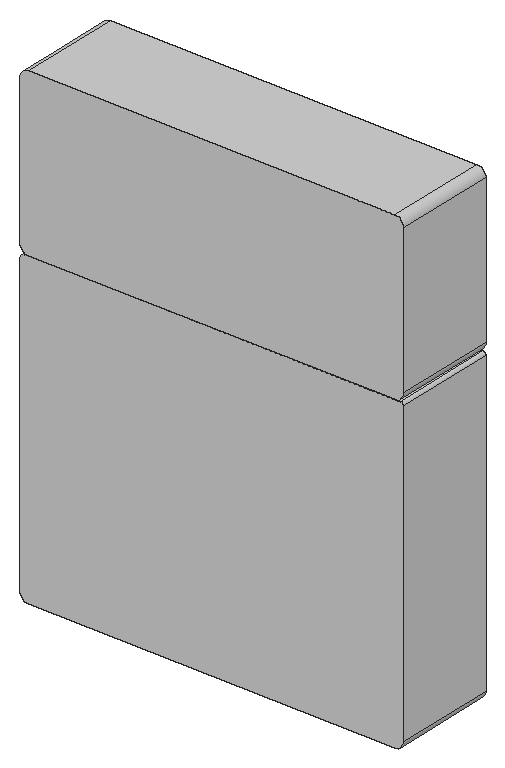
Revit family "Building-IEC309Boards-GEWISS-68QDIN-DISTRIBUTION-BOARD-20MOD_6SOCKET-OUTLETS", category Attrezzatura elettrica, host Muro, Revit 2016
Family settings
  Host = Muro
  Configurazione quadro = Due colonne, circuiti in orizzontale
  Tipo di parte = Pannello comandi
  Quota connettore circolare = Usa diametro
  Numero OmniClass = 23.80.30.11.17
  Titolo OmniClass = Distribution Boards and Control Panels
  Sempre verticale = Sì
  Taglio con vuoti quando caricato = No
  Condiviso = No
  Punto di calcolo locali = No
Parameters (values of type "GW68021N - Q-DIN 20M 2S.O.63A 4S.O.16/32A IP65")
  potenza = 400 V
  Voltaggio = "400V"
  Vista di pianta [instance] = yes
  Vetro = GEWISS - vetro
  Version type = "Empty"
  Version file RFA = "18.0"
  URL = "https://www.gewiss.com/ww/en"
  Thermo-pressure with ball = "70 °C"
  Technical sheet = "https://www.gewiss.com/ww/en/search?q=GW68021N"
  Struttura = GEWISS - Grigio RAL - 7035
  Simbolo Acceso [instance] = yes
  Shock resistance = "IK08"
  SEO = "Board"
  Realized by GEWISS S.p.A. = ""
  Produttore = "GEWISS S.p.A."
  Presa = GEWISS - Grigio RAL - 7035
  Operating temperature: = "-25 +40 °C"
  Offset etichetta nome quadro [instance] = 125 mm
  Numero di poli = 3
  Panel Name [instance] = "NOME"
  No. of provided blank lids = "2 IEC 309 16/32A+1 63A"
  No. of modules EN 50022 = "20"
  Modello = "GW68021N"
  Lunghezza = 450 mm
  Insulation class = "II"
  Installation type = "Surface-mounting"
  Immagine tipo = GW68021N.jpg
  IP degree = "IP65"
  IFC.TypeObject = ""
  IFC.ExportType = ""
  IFC.ExportAs = ""
  IDT = "c4e5c53f-a295-41ab-9992-af314b14205a"
  IDF = "7fc76941-0cea-4757-b7ec-a7896b62d45f"
  Houseable socket = "2 IEC 309 63A - 4 IEC 309 16/32A"
  H_da terra = 1200 mm
  Glow Wire Test = "650°C"
  Electrocod = "2242"
  ETICHETTA NOME QUADRO [instance] = yes
  EAN code = "8011564744882"
  Distanza orizzontale del simbolo [instance] = 0 mm
  Distanza dal muro [instance] = 0 mm
  Dispersible power B (W) = "92"
  Dispersible power A (W) = "30"
  Descrizione = "Q-DIN 20M 2S.O.63A 4S.O.16/32A IP65"
  Colour = "Grey RAL 7035"
  Classificazione carico = Altro
  Catalogue Range = "68 QDIN"
  Catalogue = "BUILDING"
  Carico apparente = 0 VA
  Cornice simbolo [instance] = no
  COBie.Tagnumber = ""
  COBie.CreatedOn = ""
  COBie.CreatebBy = ""
  COBie.ComponentRegisterItemID = ""
  COBie.Component.TagNumber = ""
  COBie.Component.Space = ""
  COBie.Component.SerialNumber = ""
  COBie.Component.InstallationDate = ""
  COBie.Component.Description = ""
  COBie.Component.BarCode = ""
  Altezza = 560 mm
  Accordance with Standards = "EN 60208 - EN 60670-1 - IEC 60670-24"
Reference planes
  plane 1 "Muro": y = 0
  plane 2 "Centro (Sinistra/Destra)": x = 125
  plane 3 "Indietro": y = 75
  plane 4: z = 1200
  plane 5: x = 125
  plane 6: y = 200
Lines and regions (mm)
  Masking region 1, visible <- "Vista di pianta"
    outline origin (0, 0, 0) x (1, 0, 0) y (0, 1, 0)
      loop
        line (-100, 175) -> (-100, 75) -> (350, 75) -> (350, 175) -> (-100, 175)
  Masking region 2
    outline origin (125, 0, 0) x (0, 1, 0) y (0, 0, 1)
      loop
        line (75, 1033) -> (175, 1033) -> (175, 1200) -> (75, 1200) -> (75, 1033)
  Masking region 3
    outline origin (125, 0, 0) x (0, 1, 0) y (0, 0, 1)
      loop
        line (75, 1033) -> (75, 640) -> (195, 640) -> (195, 1033) -> (75, 1033)
Text (mm)
  text "Lato posizionamento" at (-1848.837, 1116.779, 0), in view "Livello rif."
  text "Lato posizionamento" at (0, 1409.804, 2854.306), in view "Sinistra"
  text "Lato posizionamento" at (0, 499.811, 2980.732), in view "Destra"
Dimensions and locks
  locked: plane 3 "Indietro" to host wall
  "H_da terra": level to plane 4
  "Offset etichetta nome quadro": host wall to plane 6
  "Distanza orizzontale del simbolo": plane 5 to plane 2 "Centro (Sinistra/Destra)"
  aligned and locked: plane 1 "Muro" to host wall
  aligned and locked: nested 1 to plane 3 "Indietro"
  aligned and locked: nested 2 to plane 6
  aligned and locked: plane 5 to nested 3
  aligned and locked: Masking region 1 to nested 1
  aligned and locked: Masking region 1 to host wall
  aligned and locked: Masking region 2 sketch curve to nested 1  (x3)
  aligned and locked: nested 1 to Masking region 2 sketch curve
  aligned and locked: Masking region 3 sketch curve to nested 1  (x4)
  aligned and locked: nested 1 to host wall
  aligned and locked: nested 1 to plane 2 "Centro (Sinistra/Destra)"
  aligned and locked: plane 4 to nested 1
  aligned and locked: plane 2 "Centro (Sinistra/Destra)" to nested 4
Automatic sketch dimensions
  host wall to Masking region 1 sketch curve = 0 mm
  Masking region 1 sketch curve to plane 2 "Centro (Sinistra/Destra)" = 225 mm
  plane 2 "Centro (Sinistra/Destra)" to Masking region 1 sketch curve = 225 mm
  host wall to Masking region 1 sketch curve = 100 mm
Nested families
  nested 1: "QDIN20 QUADRO  X 6 PRESE IND" at (125, 75, 53.117) x (-1, 0, 0) z (0, 0, 1), type "QDIN20 QUADRO  X 6 PRESE IND"
  nested 2: "NOME QUADRO" at (125, 200, 0), TXT <- "Panel Name", visible <- "ETICHETTA NOME QUADRO", type "NOME QUADRO"
    with TXT "NOME"
  nested 3: "CENTRALINO" at (125, 116.894, 0), BORDO ACCESO <- "Cornice simbolo", SIMBOLO ACCESO <- "Simbolo Acceso", Distanza dal muro <- "Distanza dal muro", type "CENTRALINO"
    with SIMBOLO ACCESO yes, Distanza dal muro 0 mm, BORDO ACCESO no
  nested 4: "2D - QDIN20 QUADRO DISTRIB X6 PRESE IND" at (125, 0, 640) x (-1, 0, 0) z (0, -1, 0), type "BIDIMENSIONALE"
Connectors
  electrical at (125, 135, 640), driven by "Numero di poli", driven by "Classificazione carico", driven by "potenza", driven by "Carico apparente"
    settings: on nested 1, index 1, voltage 400 V, apparent load 0 VA, apparent load phase1 0 VA, apparent load phase2 0 VA, apparent load phase3 0 VA, power factor 1, load classification "Altro", number of poles 3, system type 31, power factor state 1, is connector primary yes, connector utility no, sub classification motor no, connector description ""
Definition of nested family "QDIN20 QUADRO  X 6 PRESE IND"
  Parameters (values of type "QDIN20 QUADRO  X 6 PRESE IND")
    Vetro = none
    Struttura = none
    Spessore = 120 mm
    Default Elevation = 14 mm
    Presa = none
    Lunghezza = 450 mm
    IFC.TypeObject = ""
    IFC.ExportType = ""
    IFC.ExportAs = ""
    H_da terra = 586.883 mm
    COBie.CreatedOn = ""
    COBie.CreatebBy = ""
    COBie.ComponentRegisterItemID = ""
    COBie.Component.TagNumber = ""
    COBie.Component.Space = ""
    COBie.Component.SerialNumber = ""
    COBie.Component.InstallationDate = ""
    COBie.Component.Description = ""
    COBie.Component.BarCode = ""
    Altezza = 560 mm
  Reference planes
    plane 1 "Centro (Fronte/Retro)": y = 0
    plane 2: z = 0
    plane 3 "Centro (Sinistra/Destra)": x = 0
    plane 4 "s": y = -100
    plane 5: z = 586.883
    plane 6: z = 1146.883
    plane 7: x = -225
    plane 8: x = 225
    plane 9: z = 979.883
    plane 10: y = -80.196
    plane 11: x = -222.597
    plane 12: x = 222.589
    plane 13: z = 989.383
    plane 14: z = 1108.347
    plane 15: y = -46.089
    plane 16: y = -87.126
  Forms (mm)
    Extrusion 1, solid, material <- "Struttura"
      sketch origin (0, 0, 0) x (1, 0, 0) y (0, 0, 1)
        loop
          arc (-215, 1146.883) -> (-222.071, 1143.954) -> (-225, 1136.883) r 10
          line (-225, 1136.883) -> (-225, 963.063)
          arc (-225, 963.063) -> (-222.071, 955.992) -> (-215, 953.063) r 10
          line (-215, 953.063) -> (215, 953.063)
          arc (215, 953.063) -> (222.071, 955.992) -> (225, 963.063) r 10
          line (225, 963.063) -> (225, 1136.883)
          arc (225, 1136.883) -> (222.071, 1143.954) -> (215, 1146.883) r 10
          line (215, 1146.883) -> (-215, 1146.883)
      from 0 to 120
    Extrusion 2, solid, material <- "Struttura"
      sketch origin (0, 0, 0) x (1, 0, 0) y (0, 0, 1)
        loop
          line (217.45, 953.063) -> (-221.38, 953.063)
          arc (-221.38, 953.063) -> (-223.94, 952.003) -> (-225, 949.443) r 3.62
          line (-225, 949.443) -> (-225, 596.883)
          arc (-225, 596.883) -> (-222.071, 589.812) -> (-215, 586.883) r 10
          line (-215, 586.883) -> (215, 586.883)
          arc (215, 586.883) -> (222.071, 589.812) -> (225, 596.883) r 10
          line (225, 596.883) -> (225, 945.513)
          arc (225, 945.513) -> (222.789, 950.852) -> (217.45, 953.063) r 7.55
      from 0 to 120
    Extrusion 3, void
      sketch origin (0, 0, 0) x (1, 0, 0) y (0, 0, 1)
        loop
          line (-222.597, 1108.347) -> (-222.597, 989.383) -> (222.589, 989.383) -> (222.589, 1108.347) -> (-222.597, 1108.347)
      from 46.089 to 120
    Extrusion 4, solid, material <- "Vetro", detail levels fine
      sketch origin (0, 0, 0) x (1, 0, 0) y (0, 0, 1)
        loop
          line (-222.597, 1108.347) -> (-222.597, 989.383) -> (222.589, 989.383) -> (222.589, 1108.347) -> (-222.597, 1108.347)
      from 87.126 to 120.5
    Extrusion 5, solid, material <- "Struttura", detail levels fine
      sketch origin (-840, 0, 10) x (1, 0, 0) y (0, 0, 1)
        loop
          arc (913.598, 901.409) -> (906.207, 898.348) -> (903.146, 890.957) r 10.452
          line (903.146, 890.957) -> (903.146, 797.88)
          arc (903.146, 797.88) -> (906.207, 790.489) -> (913.598, 787.428) r 10.452
          line (913.598, 787.428) -> (1006.695, 787.428)
          arc (1006.695, 787.428) -> (1014.086, 790.489) -> (1017.147, 797.88) r 10.452
          line (1017.147, 797.88) -> (1017.147, 890.957)
          arc (1017.147, 890.957) -> (1014.086, 898.348) -> (1006.695, 901.409) r 10.452
          line (1006.695, 901.409) -> (972.695, 901.409) -> (913.598, 901.409)
        loop
          arc (785.232, 882.409) -> (777.841, 879.348) -> (774.78, 871.957) r 10.452
          line (774.78, 871.957) -> (774.78, 797.88)
          arc (774.78, 797.88) -> (777.841, 790.489) -> (785.232, 787.428) r 10.452
          line (785.232, 787.428) -> (844.33, 787.428)
          arc (844.33, 787.428) -> (851.72, 790.489) -> (854.782, 797.88) r 10.452
          line (854.782, 797.88) -> (854.782, 871.957)
          arc (854.782, 871.957) -> (851.72, 879.348) -> (844.33, 882.409) r 10.452
          line (844.33, 882.409) -> (785.232, 882.409)
        loop
          arc (672.731, 882.409) -> (665.34, 879.348) -> (662.279, 871.957) r 10.452
          line (662.279, 871.957) -> (662.279, 797.88)
          arc (662.279, 797.88) -> (665.34, 790.489) -> (672.731, 787.428) r 10.452
          line (672.731, 787.428) -> (731.829, 787.428)
          arc (731.829, 787.428) -> (739.219, 790.489) -> (742.281, 797.88) r 10.452
          line (742.281, 797.88) -> (742.281, 871.957)
          arc (742.281, 871.957) -> (739.219, 879.348) -> (731.829, 882.409) r 10.452
          line (731.829, 882.409) -> (672.731, 882.409)
        loop
          arc (672.731, 725.65) -> (665.34, 722.589) -> (662.279, 715.198) r 10.452
          line (662.279, 715.198) -> (662.279, 641.121)
          arc (662.279, 641.121) -> (665.34, 633.73) -> (672.731, 630.669) r 10.452
          line (672.731, 630.669) -> (731.829, 630.669)
          arc (731.829, 630.669) -> (739.219, 633.73) -> (742.281, 641.121) r 10.452
          line (742.281, 641.121) -> (742.281, 715.198)
          arc (742.281, 715.198) -> (739.219, 722.589) -> (731.829, 725.65) r 10.452
          line (731.829, 725.65) -> (672.731, 725.65)
        loop
          arc (785.232, 725.65) -> (777.841, 722.589) -> (774.78, 715.198) r 10.452
          line (774.78, 715.198) -> (774.78, 641.121)
          arc (774.78, 641.121) -> (777.841, 633.73) -> (785.232, 630.669) r 10.452
          line (785.232, 630.669) -> (844.329, 630.669)
          arc (844.329, 630.669) -> (851.72, 633.73) -> (854.782, 641.121) r 10.452
          line (854.782, 641.121) -> (854.782, 715.198)
          arc (854.782, 715.198) -> (851.72, 722.589) -> (844.329, 725.65) r 10.452
          line (844.329, 725.65) -> (785.232, 725.65)
        loop
          arc (913.598, 744.65) -> (906.207, 741.589) -> (903.146, 734.198) r 10.452
          line (903.146, 734.198) -> (903.146, 641.121)
          arc (903.146, 641.121) -> (906.207, 633.73) -> (913.598, 630.669) r 10.452
          line (913.598, 630.669) -> (1006.695, 630.669)
          arc (1006.695, 630.669) -> (1014.086, 633.73) -> (1017.147, 641.121) r 10.452
          line (1017.147, 641.121) -> (1017.147, 734.198)
          arc (1017.147, 734.198) -> (1014.086, 741.589) -> (1006.695, 744.65) r 10.452
          line (1006.695, 744.65) -> (972.695, 744.65) -> (913.598, 744.65)
      from 119 to 122
  Cuts and joins
    Extrusion 3 cuts Extrusion 1
  Dimensions and locks
    plane 4 "s" to plane 1 "Centro (Fronte/Retro)" = 100 mm  (x2)
    "H_da terra": plane 5 to level
    equal spacing: plane 7, plane 3 "Centro (Sinistra/Destra)", plane 8
    "Lunghezza": plane 7 to plane 8
    locked: plane 4 "s" to plane 10 at 19.804
    locked: plane 6 to plane 14 at 38.537
    locked: plane 13 to plane 9 at 9.5
    locked: plane 7 to plane 11 at 2.403
    locked: plane 12 to plane 8 at 2.411
    locked: plane 4 "s" to plane 15 at 53.911
    locked: plane 4 "s" to plane 16 at 12.874
    "Altezza": plane 6 to plane 5
    locked: plane 14 to plane 13 at 118.963
    aligned and locked: level to plane 2
    aligned and locked: Extrusion 1 sketch curve to plane 6
    aligned and locked: Extrusion 1 sketch curve to plane 8
    aligned and locked: Extrusion 1 sketch curve to plane 7
    aligned and locked: Extrusion 2 sketch curve to plane 8
    aligned and locked: Extrusion 2 sketch curve to plane 7
    aligned and locked: Extrusion 2 sketch curve to plane 5
    aligned and locked: Extrusion 3 sketch curve to plane 14
    aligned and locked: plane 12 to Extrusion 3 sketch curve
    aligned and locked: plane 11 to Extrusion 3 sketch curve
    aligned and locked: Extrusion 3 sketch curve to plane 13
    aligned and locked: plane 15 to cut or joined group of Extrusion 1, Extrusion 3
    aligned and locked: Extrusion 4 sketch curve to plane 14
    aligned and locked: plane 12 to Extrusion 4 sketch curve
    aligned and locked: Extrusion 4 sketch curve to plane 13
    aligned and locked: plane 11 to Extrusion 4 sketch curve
    aligned and locked: plane 16 to Extrusion 4
  Automatic sketch dimensions
    Extrusion 1 sketch curve to Extrusion 1 sketch curve = 10 mm  (x2)
    Extrusion 1 sketch curve to plane 7 = 10 mm
    plane 8 to Extrusion 1 sketch curve = 10 mm
    Extrusion 2 sketch curve to Extrusion 2 sketch curve = 3.62 mm
    Extrusion 2 sketch curve to plane 7 = 10 mm
    Extrusion 2 sketch curve to Extrusion 2 sketch curve = 10 mm
    plane 8 to Extrusion 2 sketch curve = 7.55 mm
    plane 9 to Extrusion 5 sketch curve = 78.926 mm
    plane 8 to Extrusion 5 sketch curve = 161.854 mm
    Extrusion 5 sketch curve to Extrusion 5 sketch curve = 10.452 mm  (x22)
    Extrusion 5 sketch curve to Extrusion 5 sketch curve = 59.097 mm  (x9)
    Extrusion 5 sketch curve to Extrusion 5 sketch curve = 93.097 mm
    Extrusion 5 sketch curve to Extrusion 5 sketch curve = 34 mm  (x3)
    Extrusion 5 sketch curve to Extrusion 5 sketch curve = 93.077 mm
    Extrusion 5 sketch curve to Extrusion 5 sketch curve = 48.364 mm  (x2)
    Extrusion 5 sketch curve to Extrusion 5 sketch curve = 74.077 mm
    Extrusion 5 sketch curve to Extrusion 5 sketch curve = 32.499 mm  (x2)
    Extrusion 5 sketch curve to Extrusion 5 sketch curve = 0 mm  (x2)
    Extrusion 5 sketch curve to Extrusion 5 sketch curve = 61.777 mm
    plane 5 to Extrusion 5 sketch curve = 64.238 mm  (x2)
    plane 5 to Extrusion 5 sketch curve = 53.786 mm
    Extrusion 5 sketch curve to Extrusion 5 sketch curve = 72.229 mm
    Extrusion 5 sketch curve to Extrusion 5 sketch curve = 53.229 mm
    plane 9 to Extrusion 2 sketch curve = 34.371 mm
    plane 13 to Extrusion 1 sketch curve = 26.32 mm
Definition of nested family "NOME QUADRO"
  Parameters (values of type "NOME QUADRO")
    TXT [instance] = ""
  Reference planes
    plane 1: y = 0
    plane 2: x = 0
  Text (mm)
    label "NOME QUADRO" at (0.217, 0.029, 0), shows "TXT"
Definition of nested family "CENTRALINO"
  Parameters (values of type "CENTRALINO")
    SIMBOLO ACCESO [instance] = yes
    Distanza dal muro [instance] = 0 mm
    BORDO ACCESO [instance] = yes
  Reference planes
    plane 1: y = 0
    plane 2: x = 0
  Dimensions and locks
    "Distanza dal muro": plane 1 to nested 1
    aligned and locked: plane 2 to nested 1
  Nested families
    nested 1: "CENTRALINO_BASE" at (0, 0, 0), BORDO ACCESO <- "BORDO ACCESO", visible <- "SIMBOLO ACCESO", type "CENTRALINO"
      with BORDO ACCESO yes
  Definition of nested family "CENTRALINO_BASE"
    Parameters (values of type "CENTRALINO")
      Distanza dal muro = 0 mm
      BORDO ACCESO [instance] = yes
    Reference planes
      plane 1: y = 0
      plane 2: x = 0
    Lines and regions (mm)
      detail lines, visible <- "BORDO ACCESO", not visible
        curve 1: line (-2.443, 10.208, 0) -> (2.057, 10.208, 0)
        curve 2: line (2.057, 10.208, 0) -> (2.057, 4.208, 0)
        curve 3: line (2.057, 4.208, 0) -> (-2.443, 4.208, 0)
        curve 4: line (-2.443, 4.208, 0) -> (-2.443, 10.208, 0)
        curve 5: line (-2.043, 9.808, 0) -> (1.657, 9.808, 0)
        curve 6: line (1.657, 9.808, 0) -> (1.657, 4.608, 0)
        curve 7: line (1.657, 4.608, 0) -> (-2.043, 4.608, 0)
        curve 8: line (-2.043, 4.608, 0) -> (-2.043, 9.808, 0)
      detail lines
        curve 9: line (0, 0.905, 0) -> (0, 0.235, 0)
        curve 10: line (0.659, 0.905, 0) -> (0.659, 1.564, 0)
        curve 11: line (0.659, 1.564, 0) -> (-0.659, 1.564, 0)
        curve 12: line (-0.659, 1.564, 0) -> (-0.659, 0.905, 0)
        curve 13: line (-0.659, 0.905, 0) -> (0.659, 0.905, 0)
        curve 14: line (0.497, 1.564, 0) -> (0.497, 2.235, 0)
        curve 15: line (0.167, 1.564, 0) -> (0.167, 2.235, 0)
        curve 16: line (-0.162, 1.564, 0) -> (-0.162, 2.235, 0)
        curve 17: line (-0.491, 1.564, 0) -> (-0.491, 2.235, 0)
Definition of nested family "2D - QDIN20 QUADRO DISTRIB X6 PRESE IND"
  Reference planes
    plane 1 "Centro (Fronte/Retro)": y = 0
    plane 2: z = 0
    plane 3 "Centro (Sinistra/Destra)": x = 0
  Lines and regions (mm)
    model lines, in view "Livello rif."
      curve 1: line (197.291, 357.195, 0) -> (197.291, 494.197, 0)
      curve 2: line (197.291, 494.197, 0) -> (-197.291, 494.197, 0)
      curve 3: line (-197.291, 494.197, 0) -> (-197.291, 357.195, 0)
      curve 4: line (-197.291, 357.195, 0) -> (197.291, 357.195, 0)
      curve 5: line (-225, 545, 0) -> (-225, 15, 0)
      curve 6: line (-225, 15, 0) -> (-224.451, 10.981, 0)
      curve 7: line (-224.451, 10.981, 0) -> (-223.144, 7.773, 0)
      curve 8: line (-223.144, 7.773, 0) -> (-220.607, 4.393, 0)
      curve 9: line (-220.607, 4.393, 0) -> (-217.763, 2.165, 0)
      curve 10: line (-217.763, 2.165, 0) -> (-214.387, 0.656, 0)
      curve 11: line (-214.387, 0.656, 0) -> (-210, 0, 0)
      curve 12: line (-210, 0, 0) -> (210, 0, 0)
      curve 13: line (210, 0, 0) -> (214.387, 0.656, 0)
      curve 14: line (214.387, 0.656, 0) -> (217.763, 2.165, 0)
      curve 15: line (217.763, 2.165, 0) -> (220.607, 4.393, 0)
      curve 16: line (220.607, 4.393, 0) -> (223.144, 7.773, 0)
      curve 17: line (223.144, 7.773, 0) -> (224.451, 10.981, 0)
      curve 18: line (224.451, 10.981, 0) -> (225, 15, 0)
      curve 19: line (225, 15, 0) -> (225, 545, 0)
      curve 20: line (225, 545, 0) -> (224.451, 549.019, 0)
      curve 21: line (224.451, 549.019, 0) -> (223.144, 552.227, 0)
      curve 22: line (223.144, 552.227, 0) -> (220.607, 555.607, 0)
      curve 23: line (220.607, 555.607, 0) -> (217.763, 557.835, 0)
      curve 24: line (217.763, 557.835, 0) -> (214.387, 559.344, 0)
      curve 25: line (214.387, 559.344, 0) -> (210, 560, 0)
      curve 26: line (210, 560, 0) -> (-210, 560, 0)
      curve 27: line (-210, 560, 0) -> (-214.387, 559.344, 0)
      curve 28: line (-214.387, 559.344, 0) -> (-217.763, 557.835, 0)
      curve 29: line (-217.763, 557.835, 0) -> (-220.607, 555.607, 0)
      curve 30: line (-220.607, 555.607, 0) -> (-223.144, 552.227, 0)
      curve 31: line (-223.144, 552.227, 0) -> (-224.451, 549.019, 0)
      curve 32: line (-224.451, 549.019, 0) -> (-225, 545, 0)
      curve 33: line (-179.998, 467.5, 0) -> (180.002, 467.5, 0)
      curve 34: line (180.002, 467.5, 0) -> (180.002, 422.5, 0)
      curve 35: line (180.002, 422.5, 0) -> (-179.998, 422.5, 0)
      curve 36: line (-179.998, 422.5, 0) -> (-179.998, 467.5, 0)
      curve 37: line (-197.291, 379.715, 0) -> (197.291, 379.715, 0)
      curve 38: line (-35.454, 376.127, 0) -> (-35, 377.567, 0)
      curve 39: line (-35, 377.567, 0) -> (-35, 379.715, 0)
      curve 40: line (-35, 379.715, 0) -> (-35, 381.972, 0)
      curve 41: line (-35, 381.972, 0) -> (-36.201, 383.745, 0)
      curve 42: line (-36.201, 383.745, 0) -> (-38.012, 386.915, 0)
      curve 43: line (-38.012, 386.915, 0) -> (-40.77, 388.305, 0)
      curve 44: line (-40.77, 388.305, 0) -> (-43.662, 389.192, 0)
      curve 45: line (-43.662, 389.192, 0) -> (-46.027, 389.544, 0)
      curve 46: line (-46.027, 389.544, 0) -> (-47.5, 389.604, 0)
      curve 47: line (-47.5, 389.604, 0) -> (-132.5, 389.604, 0)
      curve 48: line (-132.5, 389.604, 0) -> (-133.973, 389.544, 0)
      curve 49: line (-133.973, 389.544, 0) -> (-136.338, 389.192, 0)
      curve 50: line (-136.338, 389.192, 0) -> (-139.23, 388.305, 0)
      curve 51: line (-139.23, 388.305, 0) -> (-141.988, 386.915, 0)
      curve 52: line (-141.988, 386.915, 0) -> (-143.799, 383.745, 0)
      curve 53: line (-143.799, 383.745, 0) -> (-145, 381.972, 0)
      curve 54: line (-145, 381.972, 0) -> (-145, 379.715, 0)
      curve 55: line (-145, 379.715, 0) -> (-145, 377.567, 0)
      curve 56: line (-145, 377.567, 0) -> (-144.546, 376.127, 0)
      curve 57: line (-47.5, 369.345, 0) -> (-80.224, 369.345, 0)
      curve 58: line (-35.454, 376.127, 0) -> (-33.913, 376.127, 0)
      curve 59: line (-33.913, 376.127, 0) -> (-33.63, 375.959, 0)
      curve 60: line (-33.63, 375.959, 0) -> (-35.818, 373.437, 0)
      curve 61: line (-35.818, 373.437, 0) -> (-39.198, 371.238, 0)
      curve 62: line (-39.198, 371.238, 0) -> (-42.199, 370.036, 0)
      curve 63: line (-42.199, 370.036, 0) -> (-44.774, 369.51, 0)
      curve 64: line (-44.774, 369.51, 0) -> (-47.5, 369.345, 0)
      curve 65: line (-144.182, 373.437, 0) -> (-140.802, 371.238, 0)
      curve 66: line (-140.802, 371.238, 0) -> (-137.801, 370.036, 0)
      curve 67: line (-137.801, 370.036, 0) -> (-135.226, 369.51, 0)
      curve 68: line (-135.226, 369.51, 0) -> (-132.5, 369.345, 0)
      curve 69: line (-132.5, 369.345, 0) -> (-99.776, 369.345, 0)
      curve 70: line (-144.546, 376.127, 0) -> (-146.087, 376.127, 0)
      curve 71: line (-146.087, 376.127, 0) -> (-146.37, 375.959, 0)
      curve 72: line (-146.37, 375.959, 0) -> (-144.182, 373.437, 0)
      curve 73: line (-89.99, 359.037, 0) -> (-94.782, 360.321, 0)
      curve 74: line (-94.782, 360.321, 0) -> (-98.289, 363.829, 0)
      curve 75: line (-98.289, 363.829, 0) -> (-99.573, 368.62, 0)
      curve 76: line (-99.573, 368.62, 0) -> (-98.289, 373.412, 0)
      curve 77: line (-98.289, 373.412, 0) -> (-94.782, 376.919, 0)
      curve 78: line (-94.782, 376.919, 0) -> (-89.99, 378.203, 0)
      curve 79: line (-89.99, 378.203, 0) -> (-85.198, 376.919, 0)
      curve 80: line (-85.198, 376.919, 0) -> (-81.691, 373.412, 0)
      curve 81: line (-81.691, 373.412, 0) -> (-80.407, 368.62, 0)
      curve 82: line (-80.407, 368.62, 0) -> (-81.691, 363.829, 0)
      curve 83: line (-81.691, 363.829, 0) -> (-85.198, 360.321, 0)
      curve 84: line (-85.198, 360.321, 0) -> (-89.99, 359.037, 0)
      curve 85: line (-175.608, 306.731, 0) -> (-174.31, 306.383, 0)
      curve 86: line (-174.31, 306.383, 0) -> (-173.36, 305.433, 0)
      curve 87: line (-173.36, 305.433, 0) -> (-173.012, 304.135, 0)
      curve 88: line (-173.012, 304.135, 0) -> (-173.36, 302.837, 0)
      curve 89: line (-173.36, 302.837, 0) -> (-174.31, 301.886, 0)
      curve 90: line (-174.31, 301.886, 0) -> (-175.608, 301.539, 0)
      curve 91: line (-175.608, 301.539, 0) -> (-176.906, 301.886, 0)
      curve 92: line (-176.906, 301.886, 0) -> (-177.856, 302.837, 0)
      curve 93: line (-177.856, 302.837, 0) -> (-178.204, 304.135, 0)
      curve 94: line (-178.204, 304.135, 0) -> (-177.856, 305.433, 0)
      curve 95: line (-177.856, 305.433, 0) -> (-176.906, 306.383, 0)
      curve 96: line (-176.906, 306.383, 0) -> (-175.608, 306.731, 0)
      curve 97: line (-105.946, 225.47, 0) -> (-105.946, 306.205, 0)
      curve 98: line (-105.946, 306.205, 0) -> (-106.463, 308.867, 0)
      curve 99: line (-106.463, 308.867, 0) -> (-108.033, 311.242, 0)
      curve 100: line (-108.033, 311.242, 0) -> (-110.191, 312.72, 0)
      curve 101: line (-110.191, 312.72, 0) -> (-113.07, 313.328, 0)
      curve 102: line (-113.07, 313.328, 0) -> (-178.825, 313.328, 0)
      curve 103: line (-178.825, 313.328, 0) -> (-181.704, 312.72, 0)
      curve 104: line (-181.704, 312.72, 0) -> (-183.862, 311.242, 0)
      curve 105: line (-183.862, 311.242, 0) -> (-185.432, 308.867, 0)
      curve 106: line (-185.432, 308.867, 0) -> (-185.948, 306.205, 0)
      curve 107: line (-185.948, 306.205, 0) -> (-185.948, 225.47, 0)
      curve 108: line (-185.948, 225.47, 0) -> (-185.432, 222.807, 0)
      curve 109: line (-185.432, 222.807, 0) -> (-183.862, 220.433, 0)
      curve 110: line (-183.862, 220.433, 0) -> (-181.704, 218.954, 0)
      curve 111: line (-181.704, 218.954, 0) -> (-178.825, 218.346, 0)
      curve 112: line (-178.825, 218.346, 0) -> (-113.07, 218.346, 0)
      curve 113: line (-113.07, 218.346, 0) -> (-110.191, 218.954, 0)
      curve 114: line (-110.191, 218.954, 0) -> (-108.033, 220.433, 0)
      curve 115: line (-108.033, 220.433, 0) -> (-106.463, 222.807, 0)
      curve 116: line (-106.463, 222.807, 0) -> (-105.946, 225.47, 0)
      curve 117: line (-116.286, 306.731, 0) -> (-117.585, 306.383, 0)
      curve 118: line (-117.585, 306.383, 0) -> (-118.535, 305.433, 0)
      curve 119: line (-118.535, 305.433, 0) -> (-118.883, 304.135, 0)
      curve 120: line (-118.883, 304.135, 0) -> (-118.535, 302.837, 0)
      curve 121: line (-118.535, 302.837, 0) -> (-117.585, 301.886, 0)
      curve 122: line (-117.585, 301.886, 0) -> (-116.286, 301.539, 0)
      curve 123: line (-116.286, 301.539, 0) -> (-114.988, 301.886, 0)
      curve 124: line (-114.988, 301.886, 0) -> (-114.038, 302.837, 0)
      curve 125: line (-114.038, 302.837, 0) -> (-113.69, 304.135, 0)
      curve 126: line (-113.69, 304.135, 0) -> (-114.038, 305.433, 0)
      curve 127: line (-114.038, 305.433, 0) -> (-114.988, 306.383, 0)
      curve 128: line (-114.988, 306.383, 0) -> (-116.286, 306.731, 0)
      curve 129: line (-175.608, 224.943, 0) -> (-174.31, 225.291, 0)
      curve 130: line (-174.31, 225.291, 0) -> (-173.36, 226.241, 0)
      curve 131: line (-173.36, 226.241, 0) -> (-173.012, 227.539, 0)
      curve 132: line (-173.012, 227.539, 0) -> (-173.36, 228.838, 0)
      curve 133: line (-173.36, 228.838, 0) -> (-174.31, 229.788, 0)
      curve 134: line (-174.31, 229.788, 0) -> (-175.608, 230.136, 0)
      curve 135: line (-175.608, 230.136, 0) -> (-176.906, 229.788, 0)
      curve 136: line (-176.906, 229.788, 0) -> (-177.856, 228.838, 0)
      curve 137: line (-177.856, 228.838, 0) -> (-178.204, 227.539, 0)
      curve 138: line (-178.204, 227.539, 0) -> (-177.856, 226.241, 0)
      curve 139: line (-177.856, 226.241, 0) -> (-176.906, 225.291, 0)
      curve 140: line (-176.906, 225.291, 0) -> (-175.608, 224.943, 0)
      curve 141: line (-116.286, 224.943, 0) -> (-117.585, 225.291, 0)
      curve 142: line (-117.585, 225.291, 0) -> (-118.535, 226.241, 0)
      curve 143: line (-118.535, 226.241, 0) -> (-118.883, 227.539, 0)
      curve 144: line (-118.883, 227.539, 0) -> (-118.535, 228.838, 0)
      curve 145: line (-118.535, 228.838, 0) -> (-117.585, 229.788, 0)
      curve 146: line (-117.585, 229.788, 0) -> (-116.286, 230.136, 0)
      curve 147: line (-116.286, 230.136, 0) -> (-114.988, 229.788, 0)
      curve 148: line (-114.988, 229.788, 0) -> (-114.038, 228.838, 0)
      curve 149: line (-114.038, 228.838, 0) -> (-113.69, 227.539, 0)
      curve 150: line (-113.69, 227.539, 0) -> (-114.038, 226.241, 0)
      curve 151: line (-114.038, 226.241, 0) -> (-114.988, 225.291, 0)
      curve 152: line (-114.988, 225.291, 0) -> (-116.286, 224.943, 0)
      curve 153: line (-69.788, 306.731, 0) -> (-68.49, 306.383, 0)
      curve 154: line (-68.49, 306.383, 0) -> (-67.539, 305.433, 0)
      curve 155: line (-67.539, 305.433, 0) -> (-67.191, 304.135, 0)
      curve 156: line (-67.191, 304.135, 0) -> (-67.539, 302.837, 0)
      curve 157: line (-67.539, 302.837, 0) -> (-68.49, 301.886, 0)
      curve 158: line (-68.49, 301.886, 0) -> (-69.788, 301.539, 0)
      curve 159: line (-69.788, 301.539, 0) -> (-71.086, 301.886, 0)
      curve 160: line (-71.086, 301.886, 0) -> (-72.036, 302.837, 0)
      curve 161: line (-72.036, 302.837, 0) -> (-72.384, 304.135, 0)
      curve 162: line (-72.384, 304.135, 0) -> (-72.036, 305.433, 0)
      curve 163: line (-72.036, 305.433, 0) -> (-71.086, 306.383, 0)
      curve 164: line (-71.086, 306.383, 0) -> (-69.788, 306.731, 0)
      curve 165: line (-0.126, 225.47, 0) -> (-0.126, 306.205, 0)
      curve 166: line (-0.126, 306.205, 0) -> (-0.642, 308.867, 0)
      curve 167: line (-0.642, 308.867, 0) -> (-2.212, 311.242, 0)
      curve 168: line (-2.212, 311.242, 0) -> (-4.37, 312.72, 0)
      curve 169: line (-4.37, 312.72, 0) -> (-7.249, 313.328, 0)
      curve 170: line (-7.249, 313.328, 0) -> (-73.005, 313.328, 0)
      curve 171: line (-73.005, 313.328, 0) -> (-75.883, 312.72, 0)
      curve 172: line (-75.883, 312.72, 0) -> (-78.041, 311.242, 0)
      curve 173: line (-78.041, 311.242, 0) -> (-79.611, 308.867, 0)
      curve 174: line (-79.611, 308.867, 0) -> (-80.128, 306.205, 0)
      curve 175: line (-80.128, 306.205, 0) -> (-80.128, 225.47, 0)
      curve 176: line (-80.128, 225.47, 0) -> (-79.611, 222.807, 0)
      curve 177: line (-79.611, 222.807, 0) -> (-78.041, 220.433, 0)
      curve 178: line (-78.041, 220.433, 0) -> (-75.883, 218.954, 0)
      curve 179: line (-75.883, 218.954, 0) -> (-73.005, 218.346, 0)
      curve 180: line (-73.005, 218.346, 0) -> (-7.249, 218.346, 0)
      curve 181: line (-7.249, 218.346, 0) -> (-4.37, 218.954, 0)
      curve 182: line (-4.37, 218.954, 0) -> (-2.212, 220.433, 0)
      curve 183: line (-2.212, 220.433, 0) -> (-0.642, 222.807, 0)
      curve 184: line (-0.642, 222.807, 0) -> (-0.126, 225.47, 0)
      curve 185: line (-10.466, 306.731, 0) -> (-11.764, 306.383, 0)
      curve 186: line (-11.764, 306.383, 0) -> (-12.715, 305.433, 0)
      curve 187: line (-12.715, 305.433, 0) -> (-13.063, 304.135, 0)
      curve 188: line (-13.063, 304.135, 0) -> (-12.715, 302.837, 0)
      curve 189: line (-12.715, 302.837, 0) -> (-11.764, 301.886, 0)
      curve 190: line (-11.764, 301.886, 0) -> (-10.466, 301.539, 0)
      curve 191: line (-10.466, 301.539, 0) -> (-9.168, 301.886, 0)
      curve 192: line (-9.168, 301.886, 0) -> (-8.218, 302.837, 0)
      curve 193: line (-8.218, 302.837, 0) -> (-7.87, 304.135, 0)
      curve 194: line (-7.87, 304.135, 0) -> (-8.218, 305.433, 0)
      curve 195: line (-8.218, 305.433, 0) -> (-9.168, 306.383, 0)
      curve 196: line (-9.168, 306.383, 0) -> (-10.466, 306.731, 0)
      curve 197: line (-69.788, 224.943, 0) -> (-68.49, 225.291, 0)
      curve 198: line (-68.49, 225.291, 0) -> (-67.539, 226.241, 0)
      curve 199: line (-67.539, 226.241, 0) -> (-67.191, 227.539, 0)
      curve 200: line (-67.191, 227.539, 0) -> (-67.539, 228.838, 0)
      curve 201: line (-67.539, 228.838, 0) -> (-68.49, 229.788, 0)
      curve 202: line (-68.49, 229.788, 0) -> (-69.788, 230.136, 0)
      curve 203: line (-69.788, 230.136, 0) -> (-71.086, 229.788, 0)
      curve 204: line (-71.086, 229.788, 0) -> (-72.036, 228.838, 0)
      curve 205: line (-72.036, 228.838, 0) -> (-72.384, 227.539, 0)
      curve 206: line (-72.384, 227.539, 0) -> (-72.036, 226.241, 0)
      curve 207: line (-72.036, 226.241, 0) -> (-71.086, 225.291, 0)
      curve 208: line (-71.086, 225.291, 0) -> (-69.788, 224.943, 0)
      curve 209: line (-10.466, 224.943, 0) -> (-11.764, 225.291, 0)
      curve 210: line (-11.764, 225.291, 0) -> (-12.715, 226.241, 0)
      curve 211: line (-12.715, 226.241, 0) -> (-13.063, 227.539, 0)
      curve 212: line (-13.063, 227.539, 0) -> (-12.715, 228.838, 0)
      curve 213: line (-12.715, 228.838, 0) -> (-11.764, 229.788, 0)
      curve 214: line (-11.764, 229.788, 0) -> (-10.466, 230.136, 0)
      curve 215: line (-10.466, 230.136, 0) -> (-9.168, 229.788, 0)
      curve 216: line (-9.168, 229.788, 0) -> (-8.218, 228.838, 0)
      curve 217: line (-8.218, 228.838, 0) -> (-7.87, 227.539, 0)
      curve 218: line (-7.87, 227.539, 0) -> (-8.218, 226.241, 0)
      curve 219: line (-8.218, 226.241, 0) -> (-9.168, 225.291, 0)
      curve 220: line (-9.168, 225.291, 0) -> (-10.466, 224.943, 0)
      curve 221: line (-175.608, 160.19, 0) -> (-174.31, 159.842, 0)
      curve 222: line (-174.31, 159.842, 0) -> (-173.36, 158.892, 0)
      curve 223: line (-173.36, 158.892, 0) -> (-173.012, 157.594, 0)
      curve 224: line (-173.012, 157.594, 0) -> (-173.36, 156.296, 0)
      curve 225: line (-173.36, 156.296, 0) -> (-174.31, 155.345, 0)
      curve 226: line (-174.31, 155.345, 0) -> (-175.608, 154.998, 0)
      curve 227: line (-175.608, 154.998, 0) -> (-176.906, 155.345, 0)
      curve 228: line (-176.906, 155.345, 0) -> (-177.856, 156.296, 0)
      curve 229: line (-177.856, 156.296, 0) -> (-178.204, 157.594, 0)
      curve 230: line (-178.204, 157.594, 0) -> (-177.856, 158.892, 0)
      curve 231: line (-177.856, 158.892, 0) -> (-176.906, 159.842, 0)
      curve 232: line (-176.906, 159.842, 0) -> (-175.608, 160.19, 0)
      curve 233: line (-105.946, 78.929, 0) -> (-105.946, 159.664, 0)
      curve 234: line (-105.946, 159.664, 0) -> (-106.463, 162.326, 0)
      curve 235: line (-106.463, 162.326, 0) -> (-108.033, 164.7, 0)
      curve 236: line (-108.033, 164.7, 0) -> (-110.191, 166.179, 0)
      curve 237: line (-110.191, 166.179, 0) -> (-113.07, 166.787, 0)
      curve 238: line (-113.07, 166.787, 0) -> (-178.825, 166.787, 0)
      curve 239: line (-178.825, 166.787, 0) -> (-181.704, 166.179, 0)
      curve 240: line (-181.704, 166.179, 0) -> (-183.862, 164.7, 0)
      curve 241: line (-183.862, 164.7, 0) -> (-185.432, 162.326, 0)
      curve 242: line (-185.432, 162.326, 0) -> (-185.948, 159.664, 0)
      curve 243: line (-185.948, 159.664, 0) -> (-185.948, 78.929, 0)
      curve 244: line (-185.948, 78.929, 0) -> (-185.432, 76.266, 0)
      curve 245: line (-185.432, 76.266, 0) -> (-183.862, 73.892, 0)
      curve 246: line (-183.862, 73.892, 0) -> (-181.704, 72.413, 0)
      curve 247: line (-181.704, 72.413, 0) -> (-178.825, 71.805, 0)
      curve 248: line (-178.825, 71.805, 0) -> (-113.07, 71.805, 0)
      curve 249: line (-113.07, 71.805, 0) -> (-110.191, 72.413, 0)
      curve 250: line (-110.191, 72.413, 0) -> (-108.033, 73.892, 0)
      curve 251: line (-108.033, 73.892, 0) -> (-106.463, 76.266, 0)
      curve 252: line (-106.463, 76.266, 0) -> (-105.946, 78.929, 0)
      curve 253: line (-116.286, 160.19, 0) -> (-117.585, 159.842, 0)
      curve 254: line (-117.585, 159.842, 0) -> (-118.535, 158.892, 0)
      curve 255: line (-118.535, 158.892, 0) -> (-118.883, 157.594, 0)
      curve 256: line (-118.883, 157.594, 0) -> (-118.535, 156.296, 0)
      curve 257: line (-118.535, 156.296, 0) -> (-117.585, 155.345, 0)
      curve 258: line (-117.585, 155.345, 0) -> (-116.286, 154.998, 0)
      curve 259: line (-116.286, 154.998, 0) -> (-114.988, 155.345, 0)
      curve 260: line (-114.988, 155.345, 0) -> (-114.038, 156.296, 0)
      curve 261: line (-114.038, 156.296, 0) -> (-113.69, 157.594, 0)
      curve 262: line (-113.69, 157.594, 0) -> (-114.038, 158.892, 0)
      curve 263: line (-114.038, 158.892, 0) -> (-114.988, 159.842, 0)
      curve 264: line (-114.988, 159.842, 0) -> (-116.286, 160.19, 0)
      curve 265: line (-175.608, 78.402, 0) -> (-174.31, 78.75, 0)
      curve 266: line (-174.31, 78.75, 0) -> (-173.36, 79.7, 0)
      curve 267: line (-173.36, 79.7, 0) -> (-173.012, 80.998, 0)
      curve 268: line (-173.012, 80.998, 0) -> (-173.36, 82.297, 0)
      curve 269: line (-173.36, 82.297, 0) -> (-174.31, 83.247, 0)
      curve 270: line (-174.31, 83.247, 0) -> (-175.608, 83.595, 0)
      curve 271: line (-175.608, 83.595, 0) -> (-176.906, 83.247, 0)
      curve 272: line (-176.906, 83.247, 0) -> (-177.856, 82.297, 0)
      curve 273: line (-177.856, 82.297, 0) -> (-178.204, 80.998, 0)
      curve 274: line (-178.204, 80.998, 0) -> (-177.856, 79.7, 0)
      curve 275: line (-177.856, 79.7, 0) -> (-176.906, 78.75, 0)
      curve 276: line (-176.906, 78.75, 0) -> (-175.608, 78.402, 0)
      curve 277: line (-116.286, 78.402, 0) -> (-117.585, 78.75, 0)
      curve 278: line (-117.585, 78.75, 0) -> (-118.535, 79.7, 0)
      curve 279: line (-118.535, 79.7, 0) -> (-118.883, 80.998, 0)
      curve 280: line (-118.883, 80.998, 0) -> (-118.535, 82.297, 0)
      curve 281: line (-118.535, 82.297, 0) -> (-117.585, 83.247, 0)
      curve 282: line (-117.585, 83.247, 0) -> (-116.286, 83.595, 0)
      curve 283: line (-116.286, 83.595, 0) -> (-114.988, 83.247, 0)
      curve 284: line (-114.988, 83.247, 0) -> (-114.038, 82.297, 0)
      curve 285: line (-114.038, 82.297, 0) -> (-113.69, 80.998, 0)
      curve 286: line (-113.69, 80.998, 0) -> (-114.038, 79.7, 0)
      curve 287: line (-114.038, 79.7, 0) -> (-114.988, 78.75, 0)
      curve 288: line (-114.988, 78.75, 0) -> (-116.286, 78.402, 0)
      curve 289: line (-69.788, 160.19, 0) -> (-68.49, 159.842, 0)
      curve 290: line (-68.49, 159.842, 0) -> (-67.539, 158.892, 0)
      curve 291: line (-67.539, 158.892, 0) -> (-67.191, 157.594, 0)
      curve 292: line (-67.191, 157.594, 0) -> (-67.539, 156.296, 0)
      curve 293: line (-67.539, 156.296, 0) -> (-68.49, 155.345, 0)
      curve 294: line (-68.49, 155.345, 0) -> (-69.788, 154.998, 0)
      curve 295: line (-69.788, 154.998, 0) -> (-71.086, 155.345, 0)
      curve 296: line (-71.086, 155.345, 0) -> (-72.036, 156.296, 0)
      curve 297: line (-72.036, 156.296, 0) -> (-72.384, 157.594, 0)
      curve 298: line (-72.384, 157.594, 0) -> (-72.036, 158.892, 0)
      curve 299: line (-72.036, 158.892, 0) -> (-71.086, 159.842, 0)
      curve 300: line (-71.086, 159.842, 0) -> (-69.788, 160.19, 0)
      curve 301: line (-0.126, 78.929, 0) -> (-0.126, 159.664, 0)
      curve 302: line (-0.126, 159.664, 0) -> (-0.642, 162.326, 0)
      curve 303: line (-0.642, 162.326, 0) -> (-2.212, 164.7, 0)
      curve 304: line (-2.212, 164.7, 0) -> (-4.37, 166.179, 0)
      curve 305: line (-4.37, 166.179, 0) -> (-7.249, 166.787, 0)
      curve 306: line (-7.249, 166.787, 0) -> (-73.005, 166.787, 0)
      curve 307: line (-73.005, 166.787, 0) -> (-75.883, 166.179, 0)
      curve 308: line (-75.883, 166.179, 0) -> (-78.041, 164.7, 0)
      curve 309: line (-78.041, 164.7, 0) -> (-79.611, 162.326, 0)
      curve 310: line (-79.611, 162.326, 0) -> (-80.128, 159.664, 0)
      curve 311: line (-80.128, 159.664, 0) -> (-80.128, 78.929, 0)
      curve 312: line (-80.128, 78.929, 0) -> (-79.611, 76.266, 0)
      curve 313: line (-79.611, 76.266, 0) -> (-78.041, 73.892, 0)
      curve 314: line (-78.041, 73.892, 0) -> (-75.883, 72.413, 0)
      curve 315: line (-75.883, 72.413, 0) -> (-73.005, 71.805, 0)
      curve 316: line (-73.005, 71.805, 0) -> (-7.249, 71.805, 0)
      curve 317: line (-7.249, 71.805, 0) -> (-4.37, 72.413, 0)
      curve 318: line (-4.37, 72.413, 0) -> (-2.212, 73.892, 0)
      curve 319: line (-2.212, 73.892, 0) -> (-0.642, 76.266, 0)
      curve 320: line (-0.642, 76.266, 0) -> (-0.126, 78.929, 0)
      curve 321: line (-10.466, 160.19, 0) -> (-11.764, 159.842, 0)
      curve 322: line (-11.764, 159.842, 0) -> (-12.715, 158.892, 0)
      curve 323: line (-12.715, 158.892, 0) -> (-13.063, 157.594, 0)
      curve 324: line (-13.063, 157.594, 0) -> (-12.715, 156.296, 0)
      curve 325: line (-12.715, 156.296, 0) -> (-11.764, 155.345, 0)
      curve 326: line (-11.764, 155.345, 0) -> (-10.466, 154.998, 0)
      curve 327: line (-10.466, 154.998, 0) -> (-9.168, 155.345, 0)
      curve 328: line (-9.168, 155.345, 0) -> (-8.218, 156.296, 0)
      curve 329: line (-8.218, 156.296, 0) -> (-7.87, 157.594, 0)
      curve 330: line (-7.87, 157.594, 0) -> (-8.218, 158.892, 0)
      curve 331: line (-8.218, 158.892, 0) -> (-9.168, 159.842, 0)
      curve 332: line (-9.168, 159.842, 0) -> (-10.466, 160.19, 0)
      curve 333: line (-69.788, 78.402, 0) -> (-68.49, 78.75, 0)
      curve 334: line (-68.49, 78.75, 0) -> (-67.539, 79.7, 0)
      curve 335: line (-67.539, 79.7, 0) -> (-67.191, 80.998, 0)
      curve 336: line (-67.191, 80.998, 0) -> (-67.539, 82.297, 0)
      curve 337: line (-67.539, 82.297, 0) -> (-68.49, 83.247, 0)
      curve 338: line (-68.49, 83.247, 0) -> (-69.788, 83.595, 0)
      curve 339: line (-69.788, 83.595, 0) -> (-71.086, 83.247, 0)
      curve 340: line (-71.086, 83.247, 0) -> (-72.036, 82.297, 0)
      curve 341: line (-72.036, 82.297, 0) -> (-72.384, 80.998, 0)
      curve 342: line (-72.384, 80.998, 0) -> (-72.036, 79.7, 0)
      curve 343: line (-72.036, 79.7, 0) -> (-71.086, 78.75, 0)
      curve 344: line (-71.086, 78.75, 0) -> (-69.788, 78.402, 0)
      curve 345: line (-10.466, 78.402, 0) -> (-11.764, 78.75, 0)
      curve 346: line (-11.764, 78.75, 0) -> (-12.715, 79.7, 0)
      curve 347: line (-12.715, 79.7, 0) -> (-13.063, 80.998, 0)
      curve 348: line (-13.063, 80.998, 0) -> (-12.715, 82.297, 0)
      curve 349: line (-12.715, 82.297, 0) -> (-11.764, 83.247, 0)
      curve 350: line (-11.764, 83.247, 0) -> (-10.466, 83.595, 0)
      curve 351: line (-10.466, 83.595, 0) -> (-9.168, 83.247, 0)
      curve 352: line (-9.168, 83.247, 0) -> (-8.218, 82.297, 0)
      curve 353: line (-8.218, 82.297, 0) -> (-7.87, 80.998, 0)
      curve 354: line (-7.87, 80.998, 0) -> (-8.218, 79.7, 0)
      curve 355: line (-8.218, 79.7, 0) -> (-9.168, 78.75, 0)
      curve 356: line (-9.168, 78.75, 0) -> (-10.466, 78.402, 0)
      curve 357: line (132.503, 369.345, 0) -> (99.78, 369.345, 0)
      curve 358: line (144.549, 376.127, 0) -> (146.091, 376.127, 0)
      curve 359: line (146.091, 376.127, 0) -> (146.374, 375.959, 0)
      curve 360: line (146.374, 375.959, 0) -> (144.186, 373.437, 0)
      curve 361: line (144.186, 373.437, 0) -> (140.806, 371.238, 0)
      curve 362: line (140.806, 371.238, 0) -> (137.804, 370.036, 0)
      curve 363: line (137.804, 370.036, 0) -> (135.229, 369.51, 0)
      curve 364: line (135.229, 369.51, 0) -> (132.503, 369.345, 0)
      curve 365: line (35.821, 373.437, 0) -> (39.201, 371.238, 0)
      curve 366: line (39.201, 371.238, 0) -> (42.203, 370.036, 0)
      curve 367: line (42.203, 370.036, 0) -> (44.778, 369.51, 0)
      curve 368: line (44.778, 369.51, 0) -> (47.503, 369.345, 0)
      curve 369: line (47.503, 369.345, 0) -> (80.227, 369.345, 0)
      curve 370: line (35.458, 376.127, 0) -> (33.916, 376.127, 0)
      curve 371: line (33.916, 376.127, 0) -> (33.633, 375.959, 0)
      curve 372: line (33.633, 375.959, 0) -> (35.821, 373.437, 0)
      curve 373: line (35.458, 376.127, 0) -> (35.003, 377.567, 0)
      curve 374: line (35.003, 377.567, 0) -> (35.003, 379.715, 0)
      curve 375: line (35.003, 379.715, 0) -> (35.003, 381.972, 0)
      curve 376: line (35.003, 381.972, 0) -> (36.204, 383.745, 0)
      curve 377: line (36.204, 383.745, 0) -> (38.016, 386.915, 0)
      curve 378: line (38.016, 386.915, 0) -> (40.773, 388.305, 0)
      curve 379: line (40.773, 388.305, 0) -> (43.665, 389.192, 0)
      curve 380: line (43.665, 389.192, 0) -> (46.031, 389.544, 0)
      curve 381: line (46.031, 389.544, 0) -> (47.503, 389.604, 0)
      curve 382: line (47.503, 389.604, 0) -> (132.503, 389.604, 0)
      curve 383: line (132.503, 389.604, 0) -> (133.976, 389.544, 0)
      curve 384: line (133.976, 389.544, 0) -> (136.342, 389.192, 0)
      curve 385: line (136.342, 389.192, 0) -> (139.234, 388.305, 0)
      curve 386: line (139.234, 388.305, 0) -> (141.991, 386.915, 0)
      curve 387: line (141.991, 386.915, 0) -> (143.803, 383.745, 0)
      curve 388: line (143.803, 383.745, 0) -> (145.003, 381.972, 0)
      curve 389: line (145.003, 381.972, 0) -> (145.003, 379.715, 0)
      curve 390: line (145.003, 379.715, 0) -> (145.003, 377.567, 0)
      curve 391: line (145.003, 377.567, 0) -> (144.549, 376.127, 0)
      curve 392: line (90.014, 359.037, 0) -> (85.222, 360.321, 0)
      curve 393: line (85.222, 360.321, 0) -> (81.714, 363.829, 0)
      curve 394: line (81.714, 363.829, 0) -> (80.43, 368.62, 0)
      curve 395: line (80.43, 368.62, 0) -> (81.714, 373.412, 0)
      curve 396: line (81.714, 373.412, 0) -> (85.222, 376.919, 0)
      curve 397: line (85.222, 376.919, 0) -> (90.014, 378.203, 0)
      curve 398: line (90.014, 378.203, 0) -> (94.805, 376.919, 0)
      curve 399: line (94.805, 376.919, 0) -> (98.313, 373.412, 0)
      curve 400: line (98.313, 373.412, 0) -> (99.597, 368.62, 0)
      curve 401: line (99.597, 368.62, 0) -> (98.313, 363.829, 0)
      curve 402: line (98.313, 363.829, 0) -> (94.805, 360.321, 0)
      curve 403: line (94.805, 360.321, 0) -> (90.014, 359.037, 0)
      curve 404: line (165.217, 318.728, 0) -> (163.918, 318.381, 0)
      curve 405: line (163.918, 318.381, 0) -> (162.968, 317.43, 0)
      curve 406: line (162.968, 317.43, 0) -> (162.62, 316.132, 0)
      curve 407: line (162.62, 316.132, 0) -> (162.968, 314.834, 0)
      curve 408: line (162.968, 314.834, 0) -> (163.918, 313.884, 0)
      curve 409: line (163.918, 313.884, 0) -> (165.217, 313.536, 0)
      curve 410: line (165.217, 313.536, 0) -> (166.515, 313.884, 0)
      curve 411: line (166.515, 313.884, 0) -> (167.465, 314.834, 0)
      curve 412: line (167.465, 314.834, 0) -> (167.813, 316.132, 0)
      curve 413: line (167.813, 316.132, 0) -> (167.465, 317.43, 0)
      curve 414: line (167.465, 317.43, 0) -> (166.515, 318.381, 0)
      curve 415: line (166.515, 318.381, 0) -> (165.217, 318.728, 0)
      curve 416: line (61.555, 218.467, 0) -> (61.555, 318.202, 0)
      curve 417: line (61.555, 318.202, 0) -> (62.071, 320.864, 0)
      curve 418: line (62.071, 320.864, 0) -> (63.641, 323.239, 0)
      curve 419: line (63.641, 323.239, 0) -> (65.799, 324.717, 0)
      curve 420: line (65.799, 324.717, 0) -> (68.678, 325.325, 0)
      curve 421: line (68.678, 325.325, 0) -> (168.434, 325.325, 0)
      curve 422: line (168.434, 325.325, 0) -> (171.312, 324.717, 0)
      curve 423: line (171.312, 324.717, 0) -> (173.47, 323.239, 0)
      curve 424: line (173.47, 323.239, 0) -> (175.04, 320.864, 0)
      curve 425: line (175.04, 320.864, 0) -> (175.557, 318.202, 0)
      curve 426: line (175.557, 318.202, 0) -> (175.557, 218.467, 0)
      curve 427: line (175.557, 218.467, 0) -> (175.04, 215.804, 0)
      curve 428: line (175.04, 215.804, 0) -> (173.47, 213.43, 0)
      curve 429: line (173.47, 213.43, 0) -> (171.312, 211.951, 0)
      curve 430: line (171.312, 211.951, 0) -> (168.434, 211.344, 0)
      curve 431: line (168.434, 211.344, 0) -> (68.678, 211.344, 0)
      curve 432: line (68.678, 211.344, 0) -> (65.799, 211.951, 0)
      curve 433: line (65.799, 211.951, 0) -> (63.641, 213.43, 0)
      curve 434: line (63.641, 213.43, 0) -> (62.071, 215.804, 0)
      curve 435: line (62.071, 215.804, 0) -> (61.555, 218.467, 0)
      curve 436: line (71.895, 318.728, 0) -> (73.193, 318.381, 0)
      curve 437: line (73.193, 318.381, 0) -> (74.144, 317.43, 0)
      curve 438: line (74.144, 317.43, 0) -> (74.491, 316.132, 0)
      curve 439: line (74.491, 316.132, 0) -> (74.144, 314.834, 0)
      curve 440: line (74.144, 314.834, 0) -> (73.193, 313.884, 0)
      curve 441: line (73.193, 313.884, 0) -> (71.895, 313.536, 0)
      curve 442: line (71.895, 313.536, 0) -> (70.597, 313.884, 0)
      curve 443: line (70.597, 313.884, 0) -> (69.647, 314.834, 0)
      curve 444: line (69.647, 314.834, 0) -> (69.299, 316.132, 0)
      curve 445: line (69.299, 316.132, 0) -> (69.647, 317.43, 0)
      curve 446: line (69.647, 317.43, 0) -> (70.597, 318.381, 0)
      curve 447: line (70.597, 318.381, 0) -> (71.895, 318.728, 0)
      curve 448: line (165.217, 217.94, 0) -> (163.918, 218.288, 0)
      curve 449: line (163.918, 218.288, 0) -> (162.968, 219.238, 0)
      curve 450: line (162.968, 219.238, 0) -> (162.62, 220.536, 0)
      curve 451: line (162.62, 220.536, 0) -> (162.968, 221.835, 0)
      curve 452: line (162.968, 221.835, 0) -> (163.918, 222.785, 0)
      curve 453: line (163.918, 222.785, 0) -> (165.217, 223.133, 0)
      curve 454: line (165.217, 223.133, 0) -> (166.515, 222.785, 0)
      curve 455: line (166.515, 222.785, 0) -> (167.465, 221.835, 0)
      curve 456: line (167.465, 221.835, 0) -> (167.813, 220.536, 0)
      curve 457: line (167.813, 220.536, 0) -> (167.465, 219.238, 0)
      curve 458: line (167.465, 219.238, 0) -> (166.515, 218.288, 0)
      curve 459: line (166.515, 218.288, 0) -> (165.217, 217.94, 0)
      curve 460: line (71.895, 217.94, 0) -> (73.193, 218.288, 0)
      curve 461: line (73.193, 218.288, 0) -> (74.144, 219.238, 0)
      curve 462: line (74.144, 219.238, 0) -> (74.491, 220.536, 0)
      curve 463: line (74.491, 220.536, 0) -> (74.144, 221.835, 0)
      curve 464: line (74.144, 221.835, 0) -> (73.193, 222.785, 0)
      curve 465: line (73.193, 222.785, 0) -> (71.895, 223.133, 0)
      curve 466: line (71.895, 223.133, 0) -> (70.597, 222.785, 0)
      curve 467: line (70.597, 222.785, 0) -> (69.647, 221.835, 0)
      curve 468: line (69.647, 221.835, 0) -> (69.299, 220.536, 0)
      curve 469: line (69.299, 220.536, 0) -> (69.647, 219.238, 0)
      curve 470: line (69.647, 219.238, 0) -> (70.597, 218.288, 0)
      curve 471: line (70.597, 218.288, 0) -> (71.895, 217.94, 0)
      curve 472: line (165.217, 164.921, 0) -> (163.918, 164.573, 0)
      curve 473: line (163.918, 164.573, 0) -> (162.968, 163.622, 0)
      curve 474: line (162.968, 163.622, 0) -> (162.62, 162.324, 0)
      curve 475: line (162.62, 162.324, 0) -> (162.968, 161.026, 0)
      curve 476: line (162.968, 161.026, 0) -> (163.918, 160.076, 0)
      curve 477: line (163.918, 160.076, 0) -> (165.217, 159.728, 0)
      curve 478: line (165.217, 159.728, 0) -> (166.515, 160.076, 0)
      curve 479: line (166.515, 160.076, 0) -> (167.465, 161.026, 0)
      curve 480: line (167.465, 161.026, 0) -> (167.813, 162.324, 0)
      curve 481: line (167.813, 162.324, 0) -> (167.465, 163.622, 0)
      curve 482: line (167.465, 163.622, 0) -> (166.515, 164.573, 0)
      curve 483: line (166.515, 164.573, 0) -> (165.217, 164.921, 0)
      curve 484: line (61.555, 64.659, 0) -> (61.555, 164.394, 0)
      curve 485: line (61.555, 164.394, 0) -> (62.071, 167.057, 0)
      curve 486: line (62.071, 167.057, 0) -> (63.641, 169.431, 0)
      curve 487: line (63.641, 169.431, 0) -> (65.799, 170.909, 0)
      curve 488: line (65.799, 170.909, 0) -> (68.678, 171.517, 0)
      curve 489: line (68.678, 171.517, 0) -> (168.434, 171.517, 0)
      curve 490: line (168.434, 171.517, 0) -> (171.312, 170.909, 0)
      curve 491: line (171.312, 170.909, 0) -> (173.47, 169.431, 0)
      curve 492: line (173.47, 169.431, 0) -> (175.04, 167.057, 0)
      curve 493: line (175.04, 167.057, 0) -> (175.557, 164.394, 0)
      curve 494: line (175.557, 164.394, 0) -> (175.557, 64.659, 0)
      curve 495: line (175.557, 64.659, 0) -> (175.04, 61.996, 0)
      curve 496: line (175.04, 61.996, 0) -> (173.47, 59.622, 0)
      curve 497: line (173.47, 59.622, 0) -> (171.312, 58.144, 0)
      curve 498: line (171.312, 58.144, 0) -> (168.434, 57.536, 0)
      curve 499: line (168.434, 57.536, 0) -> (68.678, 57.536, 0)
      curve 500: line (68.678, 57.536, 0) -> (65.799, 58.144, 0)
      curve 501: line (65.799, 58.144, 0) -> (63.641, 59.622, 0)
      curve 502: line (63.641, 59.622, 0) -> (62.071, 61.996, 0)
      curve 503: line (62.071, 61.996, 0) -> (61.555, 64.659, 0)
      curve 504: line (71.895, 164.921, 0) -> (73.193, 164.573, 0)
      curve 505: line (73.193, 164.573, 0) -> (74.144, 163.622, 0)
      curve 506: line (74.144, 163.622, 0) -> (74.491, 162.324, 0)
      curve 507: line (74.491, 162.324, 0) -> (74.144, 161.026, 0)
      curve 508: line (74.144, 161.026, 0) -> (73.193, 160.076, 0)
      curve 509: line (73.193, 160.076, 0) -> (71.895, 159.728, 0)
      curve 510: line (71.895, 159.728, 0) -> (70.597, 160.076, 0)
      curve 511: line (70.597, 160.076, 0) -> (69.647, 161.026, 0)
      curve 512: line (69.647, 161.026, 0) -> (69.299, 162.324, 0)
      curve 513: line (69.299, 162.324, 0) -> (69.647, 163.622, 0)
      curve 514: line (69.647, 163.622, 0) -> (70.597, 164.573, 0)
      curve 515: line (70.597, 164.573, 0) -> (71.895, 164.921, 0)
      curve 516: line (165.217, 64.132, 0) -> (163.918, 64.48, 0)
      curve 517: line (163.918, 64.48, 0) -> (162.968, 65.431, 0)
      curve 518: line (162.968, 65.431, 0) -> (162.62, 66.729, 0)
      curve 519: line (162.62, 66.729, 0) -> (162.968, 68.027, 0)
      curve 520: line (162.968, 68.027, 0) -> (163.918, 68.977, 0)
      curve 521: line (163.918, 68.977, 0) -> (165.217, 69.325, 0)
      curve 522: line (165.217, 69.325, 0) -> (166.515, 68.977, 0)
      curve 523: line (166.515, 68.977, 0) -> (167.465, 68.027, 0)
      curve 524: line (167.465, 68.027, 0) -> (167.813, 66.729, 0)
      curve 525: line (167.813, 66.729, 0) -> (167.465, 65.431, 0)
      curve 526: line (167.465, 65.431, 0) -> (166.515, 64.48, 0)
      curve 527: line (166.515, 64.48, 0) -> (165.217, 64.132, 0)
      curve 528: line (71.895, 64.132, 0) -> (73.193, 64.48, 0)
      curve 529: line (73.193, 64.48, 0) -> (74.144, 65.431, 0)
      curve 530: line (74.144, 65.431, 0) -> (74.491, 66.729, 0)
      curve 531: line (74.491, 66.729, 0) -> (74.144, 68.027, 0)
      curve 532: line (74.144, 68.027, 0) -> (73.193, 68.977, 0)
      curve 533: line (73.193, 68.977, 0) -> (71.895, 69.325, 0)
      curve 534: line (71.895, 69.325, 0) -> (70.597, 68.977, 0)
      curve 535: line (70.597, 68.977, 0) -> (69.647, 68.027, 0)
      curve 536: line (69.647, 68.027, 0) -> (69.299, 66.729, 0)
      curve 537: line (69.299, 66.729, 0) -> (69.647, 65.431, 0)
      curve 538: line (69.647, 65.431, 0) -> (70.597, 64.48, 0)
      curve 539: line (70.597, 64.48, 0) -> (71.895, 64.132, 0)
